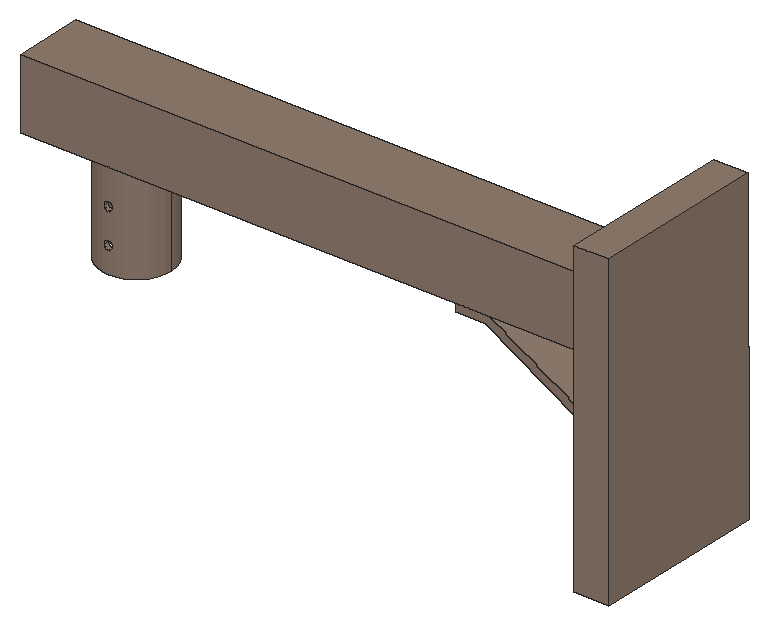
Revit family "WM300", category Generic Models, Revit 2014
Parameters
  WALL MOUNT = Bronze, Architectural
  COUPLING = Bronze, Architectural
  ARM = Bronze, Architectural
Reference planes (in)
  plane 1 "Center (Front/Back)": y = 0
  plane 2: z = 0
  plane 3 "Center (Left/Right)": x = 0
  plane 4: y = 1
  plane 5: y = -1
Forms (in)
  Extrusion 1, solid, material "Bronze, Architectural" <- "WALL MOUNT"
    sketch origin (0, 0, 0) x (1, 0, 0) y (0, 0, 1)
      loop
        line (-0.99689, 11.65136) -> (0, 11.65136) -> (0, 20.52636) -> (-0.99689, 20.52636) -> (-0.99689, 11.65136)
    from -2.5 to 2.5
  Extrusion 2, solid, material "Bronze, Architectural" <- "ARM"
    sketch origin (0, 0, 0) x (1, 0, 0) y (0, 0, 1)
      loop
        line (-18.0221, 16.77636) -> (-0.99689, 16.77636) -> (-0.99689, 18.77636) -> (-18.0221, 18.77636) -> (-18.0221, 16.77636)
    from -1 to 1
  Extrusion 3, solid, material "Bronze, Architectural" <- "ARM"
    sketch origin (0, 0, 0) x (1, 0, 0) y (0, 0, 1)
      loop
        line (-4.71016, 16.55985) -> (-1.24606, 14.55985) -> (-1.24606, 14.05985) -> (-0.99689, 14.05985) -> (-0.99689, 14.70467) -> (-4.58516, 16.77636) -> (-5.57618, 16.77636) -> (-5.57618, 16.55985) -> (-4.71016, 16.55985)
    from -1 to 1
  Revolve 4, solid, material "Bronze, Architectural" <- "COUPLING"
    sketch origin (0, 0, 0) x (1, 0, 0) y (0, 0, 1)
      loop
        line (-16.49689, 14.02636) -> (-15.49689, 14.02636) -> (-15.49689, 16.77636) -> (-16.49689, 16.77636) -> (-16.49689, 14.02636)
      axis (-15.49689, 16.77636) -> (-15.49689, 14.02636)
    angle from 0 to 360
  Revolve 5, void
    sketch origin (0, 0, 0) x (1, 0, 0) y (0, 0, 1)
      loop
        line (-16.37189, 14.02636) -> (-15.49689, 14.02636) -> (-15.49689, 16.52636) -> (-16.37189, 16.52636) -> (-16.37189, 14.02636)
      axis (-15.49689, 14.02636) -> (-15.49689, 16.52636)
    angle from 0 to 360
  Extrusion 6, void
    sketch origin (0, 0, 0) x (1, 0, 0) y (0, 0, 1)
      loop
        circle (-15.49689, 15.77636) r 0.125
      loop
        circle (-15.49689, 14.77636) r 0.125
    from -1.14007 to 1.08711
Cuts and joins
  Revolve 5, Extrusion 6 cuts Revolve 4
Lines and regions (in)
  model lines
    curve 1: line (-14.49689, 0, 16.77636) -> (-16.49689, 0, 16.77636)
Dimensions and locks (in)
  aligned and locked: plane 2 to level
